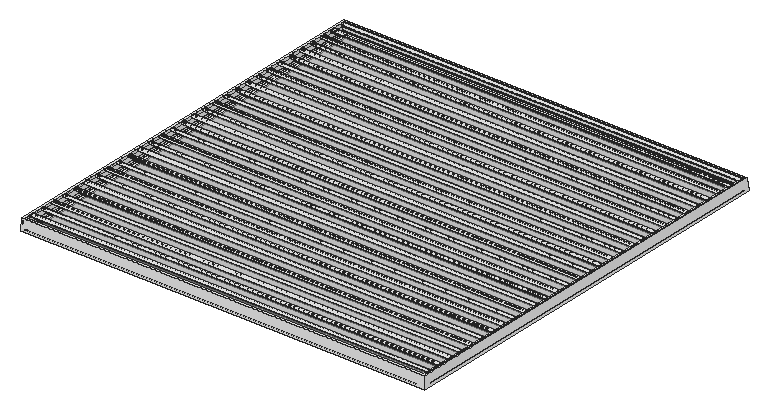
Revit family "NLRS_00_AIR_Muurrooster_ST-431_Storax", category Air Terminals, host Face, Revit 2023
Family settings
  Host = Face
  Round Connector Dimension = Use Diameter
  Part Type = Normal
  Cut with Voids When Loaded = No
  Shared = No
  Room Calculation Point = Yes
Parameters (values of type "ST-431")
  ZZZ_Width_Length [instance] = 1000 mm
  ZZZ_Symbol_wall width_Length [instance] = if(RSen_C_width = 0 mm, 1 mm, RSen_C_width)  # 1000 mm
  ZZZ_Symbol_wall depth_Length [instance] = if(RSen_C_depth = 0 mm, 1 mm, RSen_C_depth)  # 29 mm
  ZZZ_Symbol_ceiling width_Length [instance] = if(RSen_C_width = 0 mm, 1 mm, RSen_C_width)  # 1000 mm
  ZZZ_Symbol_ceiling height_Length [instance] = if(RSen_C_height = 0 mm, 1 mm, RSen_C_height)  # 1000 mm
  ZZZ_Surface mounted_YesNo = yes
  ZZZ_Recessed_YesNo = no
  ZZZ_Recess depth_negative_Length = if(1 = 1, -ZZZ_Recess depth_Length, 1 mm)  # 0 mm
  ZZZ_Recess depth_Length = 0 mm
  ZZZ_Protrusion_Length = 0 mm  # constant formula
  ZZZ_Profile_width_Length [instance] = ZZZ_Width_Length - ZZZ_Flange_offset_Length * 2  # 985 mm
  ZZZ_Profile top_offset_Length = 50.5 mm
  ZZZ_Profile middle_offset_Length = if(1 = 1, STX_I Blade_pitch, 1 mm)  # 33.3 mm
  ZZZ_Profile middle_amount__Integer [instance] = if(ZZZ_Profile middle_amount_Integer < 2, 2, ZZZ_Profile middle_amount_Integer)  # 27
  ZZZ_Profile middle_amount_Integer [instance] = (ZZZ_Height_Length - ZZZ_Profile top_offset_Length - ZZZ_Profile middle_offset_Length - ZZZ_Flange_offset_Length) / ZZZ_Profile middle_offset_Length  # 27
  ZZZ_Profile bottom_minimum height_Length = 23 mm
  ZZZ_Profile bottom_height_Length [instance] = if((ZZZ_Height_Length - ZZZ_Profile top_offset_Length - ZZZ_Profile middle_offset_Length * ZZZ_Profile middle_amount_Integer - ZZZ_Flange_offset_Length) < ZZZ_Profile bottom_minimum height_Length, ZZZ_Profile bottom_minimum height_Length, ZZZ_Height_Length - ZZZ_Profile top_offset_Length - ZZZ_Profile middle_offset_Length * ZZZ_Profile middle_amount_Integer - ZZZ_Flange_offset_Length)  # 42.9 mm
  ZZZ_Mounting space_Length [instance] = 1 mm
  ZZZ_Airflow_surface_Area [instance] = STX_V Height * STX_V Width  # 1.00 m²
  STX_V Mesh [instance] = NLRS_00_GM_Gaas_Storax : Insectengaas 2.3x2.3mm
  ZZZ_Louvre_rotation_Angle = 0.00°  # constant formula
  ZZZ_Louvre_insertion point_Length = 0 mm
  ZZZ_Louvre_insertion point negative_Length = if(1 = 1, -ZZZ_Louvre_insertion point_Length, 1 mm)  # 0 mm
  ZZZ_Height_Length [instance] = 1000 mm
  ZZZ_Half width negative_Length [instance] = -500 mm
  ZZZ_Half height negative_Length [instance] = -500 mm
  ZZZ_Flange_thickness_Length = if(STX_I Flange_thickness = 0 mm, 1 mm, STX_I Flange_thickness)  # 1 mm
  ZZZ_Flange_offset_Length = 7.5 mm
  ZZZ_Flange_FamilyType_Air Terminals = GEO_flange_renson : standard
  ZZZ_Dust filter_FamilyType_Air Terminals = dust filter - class g4 - SH_renson : dust filter - class g4_renson
  ZZZ_Depth_Length = if(1 = 1, RSen_C_depth, 1 mm)  # 29 mm
  ZZZ_Depth negative_Length = if(1 = 1, -RSen_C_depth, 1 mm)  # -29 mm
  ZZZ_Cut out_width__Length [instance] = if(and(ZZZ_Recessed_YesNo, ZZZ_Cut out_width_Length > 0 mm), ZZZ_Cut out_width_Length, 1 mm)  # 1 mm
  ZZZ_Cut out_width_Length [instance] = RSen_C_width + ZZZ_Mounting space_Length * 2  # 1002 mm
  ZZZ_Cut out_radius_Length [instance] = 1 mm
  ZZZ_Cut out_height__Length [instance] = if(and(ZZZ_Recessed_YesNo, ZZZ_Cut out_height_Length > 0 mm), ZZZ_Cut out_height_Length, 1 mm)  # 1 mm
  ZZZ_Cut out_height_Length [instance] = RSen_C_height + ZZZ_Mounting space_Length * 2  # 1002 mm
  ZZZ_Cut out_depth_Length = 500 mm
  ZZZ_Cut out_depth negative_Length = if(and(ZZZ_Recessed_YesNo, ZZZ_Cut out_depth_Length > 0 mm), -ZZZ_Cut out_depth_Length, 2 mm)  # 2 mm
  ZZZ_Airflow_HVACAirflow = 1.0 m³/h  # constant formula
  Type IFC Predefined Type = "Grille"
  RSen_M_c01_flow_rate [instance] = if(STX_V Supply air, STX_I Airflow_intake by K factor, STX_I Airflow_discharge by K factor)  # 1027.23 m³/h
  RSen_C_width [instance] = if(STX_V Width < STX_I Width_min, STX_I Width_min, if(STX_I Width_max < 1 mm, STX_V Width, if(STX_V Width > STX_I Width_max, STX_I Width_max, STX_V Width)))  # 1000 mm
  RSen_C_type_comments = "surface-mounted wall louvre"
  RSen_C_type = "surface-mounted wall louvre"
  RSen_C_model = "ST-431"
  RSen_C_material = RSen_h4_aluminum
  RSen_C_height [instance] = if(STX_V Height < STX_I Height_min, STX_I Height_min, if(STX_I Height_max < 1 mm, STX_V Height, if(STX_V Height > STX_I Height_max, STX_I Height_max, STX_V Height)))  # 1000 mm
  RSen_C_description = "ST-431"
  RSen_C_depth = 29 mm
  RSen_C_content_provider = "Storax"  # constant formula
  RSen_C_code_gtin = "-"
  RSen_C_code_article = "ST-431"
  RSen_C_code_ETIM_URL = "https://www.storax.nl/producten/zomernachtventilatie/st-431-43/"
  RSen_C_code_ETIM = "Overstroomrooster"  # constant formula
  RSen_C_code_CBNL_URL = ""
  RSen_C_code_CBNL = "Louvre"  # constant formula
  STX_W Fingerprint = "<RSen_C_length> x <RSen_C_height> mm"
  STX_V Width [instance] = 1000 mm
  STX_V Supply air = yes
  STX_V insect mesh [instance] = yes
  STX_V Air exhaust = not(STX_V Supply air)  # no
  STX_V Pressure drop [instance] = 1.0 Pa
  STX_V Height [instance] = 1000 mm
  STX_I Without flange_info = "no"
  STX_I Without flange = no
  STX_I Width_min = 120 mm
  STX_I Width_max = 4000 mm
  STX_I Water channel = yes
  STX_I U-value = "-"
  STX_I Sound reduction_Rw = "-"
  STX_I Sound reduction_Dw = "-"
  STX_I Size_maximum = "see price list"
  STX_I Removable insect mesh_info = "Min. dimensions: 190x190 mm; Max. dimensions: 1500x1200 mm"  # constant formula
  STX_I Puncture proof = yes
  STX_I Flange_thickness = 0 mm
  STX_I Air flow [instance] = if(STX_V Supply air, "supply", "exhaust")  # "supply"
  STX_I Visual free area = 0.59
  STX_I Zichtbaar vrije opp. = 0.5
  STX_I Width with flange [instance] = ZZZ_Width_Length + STX_I Flange_height * 2  # 1000 mm
  STX_I Material = "aluminiumAlMgSi0.5"
  STX_I K factor_intake = 20.47
  STX_I K factor_discharge = 19.58
  STX_I IP = "IP2XD"
  STX_I Height_min = 120 mm
  STX_I Height_max = 4000 mm
  STX_I G4 filter = no
  STX_I Shape = "rectangular"
  STX_I Fire resistance = "-"
  STX_I Drainage profile = no
  STX_I Depth_min = 0 mm
  STX_I Depth_max = 0 mm
  STX_I Control = "-"
  STX_I Ce coefficient_intake = 0.221
  STX_I Cd coefficient_discharge = 0.226
  STX_I Burglarproof_WK class = "-"
  STX_I Blade_type = "L.033.01"
  STX_I Blade_pitch = 33.3 mm
  STX_I Blade_shape = "Z"
  STX_I Assembly = ""
  STX_I Colour = ""
  STX_I BaseKeynote = "57.10.90.1"  # constant formula
  STX_I Height with flange [instance] = ZZZ_Height_Length + STX_I Flange_height * 2  # 1000 mm
  STX_I Airflow_intake by K factor [instance] = ((ZZZ_Airflow_surface_Area / 1.00 m²) * ((sqrt((2.0 Pa * STX_V Pressure drop) / (1.2 * STX_I K factor_intake))) / 1.0 Pa)) * 3600.0 m³/h  # 1027.23 m³/h
  STX_I Airflow_discharge by K factor [instance] = ((ZZZ_Airflow_surface_Area / 1.00 m²) * ((sqrt((2.0 Pa * STX_V Pressure drop) / (1.2 * STX_I K factor_discharge))) / 1.0 Pa)) * 3600.0 m³/h  # 1050.32 m³/h
  STX_I Flange_width = 0 mm
  STX_I Flange_height = 0 mm
  URL = ""
  Type Comments = RSen_C_type_comments  # "surface-mounted wall louvre"
  Model = RSen_C_model  # "ST-431"
  Manufacturer = "Storax"  # constant formula
  IfcExportType = "Grille"  # constant formula
  IfcExportAs = "IfcAirTerminalType"  # constant formula
  Export Type to IFC As = "IfcAirTerminalType"
  Description = RSen_C_description  # "ST-431"
  Default Elevation = 1219.2 mm
  Based On = "Renson"  # constant formula
  Assembly Code = "57.10.90.1"
  Apparent Load = 0 VA
Reference planes
  plane 1 "Center (Front/Back)": y = 0
  plane 2: z = 0
  plane 3 "Center (Left/Right)": x = 0
  plane 4: y = 500
  plane 5: y = -500
  plane 6: x = -500
  plane 7: x = 500
  plane 8: x = -500
  plane 9: x = 500
  plane 10: y = -500
  plane 11: y = 500
  plane 12: z = 29
  plane 13: z = 0
  plane 14: x = 492.5
  plane 15: x = -492.5
  plane 16: y = 492.5
  plane 17: y = -492.5
Forms (mm)
  Extrusion 1, solid, not visible, detail levels coarse
    sketch origin (-5, 0, 29) x (0, -1, 0) y (1, 0, 0)
      loop
        line (-500, -495) -> (500, -495) -> (500, 505) -> (-500, 505) -> (-500, -495)
    from 0 to -29 <- "ZZZ_Depth negative_Length"
Dimensions and locks
  equal spacing: plane 6, plane 3 "Center (Left/Right)", plane 7
  "STX_I Width with flange": plane 6 to plane 7
  equal spacing: plane 5, plane 1 "Center (Front/Back)", plane 4
  "STX_I Height with flange": plane 4 to plane 5
  equal spacing: plane 8, plane 3 "Center (Left/Right)", plane 9
  "RSen_C_width": plane 8 to plane 9
  equal spacing: plane 11, plane 1 "Center (Front/Back)", plane 10
  "RSen_C_height": plane 11 to plane 10
  "RSen_C_depth": plane 12 to plane 13
  "ZZZ_Recess depth_Length": host face to plane 13
  "ZZZ_Flange_offset_Length": plane 14 to plane 9
  "ZZZ_Flange_offset_Length": plane 8 to plane 15
  "ZZZ_Flange_offset_Length": plane 11 to plane 16
  "ZZZ_Flange_offset_Length": plane 17 to plane 10
  plane 9 to plane 14 = 7.5 mm
  aligned and locked: plane 2 to host face
  aligned and locked: level to host face
  aligned and locked: Extrusion 1 sketch curve to plane 10
  aligned and locked: Extrusion 1 sketch curve to plane 9
  aligned and locked: Extrusion 1 sketch curve to plane 11
  aligned and locked: Extrusion 1 sketch curve to plane 8
  aligned and locked: nested 3 to plane 3 "Center (Left/Right)"
  aligned and locked: nested 3 to plane 1 "Center (Front/Back)"
Automatic sketch dimensions
  host sketch curve to host sketch curve = 2438.4 mm  (x2)
Nested families
  nested 1: "GEO_flange_renson" at (0, 0, 29), type <- "ZZZ_Flange_FamilyType_Air Terminals", REN_V Depth <- "RSen_C_depth", REN_V Material_01 <- "RSen_C_material", REN_V Width <- "RSen_C_width", REN_V Height <- "RSen_C_height", type "standard"
    with WT_H Width 1000 mm, WT_H Round no, WT_H Rectangular yes, WT_H Radius 2 mm, WT_H Inner width 985 mm, WT_H Inner radius_02 1 mm, WT_H Inner radius 1 mm, WT_H Inner height 985 mm, WT_H Height 1000 mm, WT_H Depth 29 mm, REN_V Width 1000 mm, REN_V Material_01 RSen_h4_aluminum, REN_V Height 1000 mm, REN_V Diameter 0 mm, REN_V Depth 29 mm
  nested 2: "GEO_louvre_renson ST-033-00" at (0, 0, 29), WT_H Profile middle_offset <- "ZZZ_Profile middle_offset_Length", WT_H Profile bottom_minimum height <- "ZZZ_Profile bottom_minimum height_Length", REN_H Flange_offset <- "ZZZ_Flange_offset_Length", REN_V Material_01 <- "RSen_C_material", REN_V Height <- "RSen_C_height", REN_V Width <- "RSen_C_width", type "standard"
    with WT_H_Flange Thickness 7.5 mm, WT_H Width 985 mm, WT_H Round no, WT_H Remaining Height 45 mm, WT_H Rectangular yes, WT_H Radius 2 mm, WT_H R1 -7.5 mm, WT_H Profile top_offset fake 40.9 mm, WT_H Profile top_offset 42.8 mm, WT_H Profile middle_single no, WT_H Profile middle_offset 33.3 mm, WT_H Profile middle_multiple yes, WT_H Profile middle_amount_ 27, WT_H Profile middle_amount 27, WT_H Profile bottom_minimum height 23 mm, WT_H Profile bottom_height 50.6 mm, WT_H Profile bottom visible 1, WT_H L3 1035 mm, WT_H L2 1050 mm, WT_H L1 10 mm, WT_H Height Without Edges 985 mm, WT_H Height Small Blade 29.9 mm, WT_H Height Normal Blade 37 mm, WT_H Height Large Blade 49.5 mm, WT_H Height 1000 mm, WT_H Depth 33.5 mm, WT_H Blade Profile Small no, WT_H Blade Profile Normal yes, WT_H Blade Profile Large no, WT_H Blade Count Fake Rounded 27, WT_H Blade Count Fake Not Rounded 28.351 mm, Top offset 8.5 mm, REN_V Width 1000 mm, REN_V Material_01 RSen_h4_aluminum, REN_V Height 1000 mm, REN_V Diameter 0 mm, REN_V Depth 33.5 mm, REN_H Flange_offset 7.5 mm
  nested 3: "NLRS_00_GM_Gaas_Storax" at (-500, 500, 33.3) x (1, 0, 0) z (0, -1, 0), Height <- "STX_V Height", Width <- "STX_V Width", visible <- "STX_V insect mesh", type <- "STX_V Mesh", type "Insectengaas 2.3x2.3mm"
    with Width 1000 mm, Offset_Gaas_Top_Sides 7.5 mm, Offset_Gaas_Bottom 7.5 mm, Height 1000 mm
Definition of nested family "GEO_flange_renson"
  Parameters
    WT_V Flange_thickness = 0 mm
    REN_V Material_01 [instance] = none
    REN_V Width [instance] = 100 mm
    REN_V Height [instance] = 100 mm
    WT_H Round [instance] = not(WT_H Rectangular)  # no
    WT_H Rectangular [instance] = and(REN_V Width > 0 mm, WT_H Height > 0 mm)  # yes
    WT_H Width [instance] = if(REN_V Width = 0 mm, 2 mm, REN_V Width)  # 100 mm
    REN_V Depth [instance] = 29 mm
    REN_V Diameter [instance] = 0 mm
    WT_V Flange_height = 7.5 mm
    WT_H Height [instance] = if(REN_V Height = 0 mm, 2 mm, REN_V Height)  # 100 mm
    WT_H Inner radius_02 [instance] = if(WT_H Inner radius - WT_V Flange_thickness < 1 mm, 1 mm, WT_H Inner radius - WT_V Flange_thickness)  # 1 mm
    WT_H Inner radius [instance] = if(WT_H Radius - WT_V Flange_height < 1 mm, 1 mm, WT_H Radius - WT_V Flange_height)  # 1 mm
    WT_H Inner width [instance] = if(WT_H Width - WT_V Flange_height * 2 < 1 mm, 1 mm, WT_H Width - WT_V Flange_height * 2)  # 85 mm
    WT_H Inner height [instance] = if(WT_H Height - WT_V Flange_height * 2 < 1 mm, 1 mm, WT_H Height - WT_V Flange_height * 2)  # 85 mm
    WT_H Radius [instance] = if(REN_V Diameter = 0 mm, 2 mm, REN_V Diameter / 2)  # 2 mm
    WT_H Depth [instance] = if(REN_V Depth = 0 mm, 1 mm, REN_V Depth)  # 29 mm
    Default Elevation = 2500 mm
  Reference planes
    plane 1 "Center (Front/Back)": y = 0
    plane 2: z = 0
    plane 3 "Center (Left/Right)": x = 0
    plane 4 "top": z = -29
    plane 5 "left": x = -42.5
    plane 6 "right": x = 42.5
    plane 7: x = -50
    plane 8: x = 50
    plane 9 "back": y = 42.5
    plane 10 "front": y = -42.5
    plane 11: y = 50
    plane 12: y = -50
  Forms (mm)
    Extrusion 1, solid
      sketch origin (0, 0, 0) x (1, 0, 0) y (0, 1, 0)
        loop
          line (-1219.2, 1219.2) -> (-1219.2, -1219.2) -> (1219.2, -1219.2) -> (1219.2, 1219.2) -> (-1219.2, 1219.2)
      from 0 to -304.8
    Sweep 2, solid, material <- "REN_V Material_01"
      path origin (0, 0, 0) x (1, 0, 0) y (0, 1, 0)
        loop
          line (-50, 50) -> (-50, -50) -> (50, -50) -> (50, 50) -> (-50, 50)
      profile "PRF_profile - flange_renson : standaard" origin (0, 50, 0) x (0, 1, 0) y (0, 0, 1)
        loop
          line (-2, -29.2) -> (0, -29.2) -> (-2.4, 0) -> (-7.5, 0) -> (-7.5, -5) -> (-6, -5) -> (-6, -2) -> (-3.9, -2) -> (-3.9, -22.2) -> (-6, -22.2) -> (-6, -19.2) -> (-7.5, -19.2) -> (-7.5, -22.2) -> (-20.95, -22.2) -> (-20.95, -24.2) -> (-7.5, -24.2) -> (-7.5, -27.7)
          arc (-7.5, -27.7) -> (-6, -28.566) -> (-6, -26.834) r 1
          line (-6, -26.834) -> (-6, -24.2) -> (-2, -24.2) -> (-2, -29.2)
  Dimensions and locks
    equal spacing: plane 7, plane 3 "Center (Left/Right)", plane 8
    "WT_H Width": plane 7 to plane 8
    equal spacing: plane 5 "left", plane 3 "Center (Left/Right)", plane 6 "right"
    "WT_H Inner width": plane 5 "left" to plane 6 "right"
    equal spacing: plane 11, plane 1 "Center (Front/Back)", plane 12
    equal spacing: plane 9 "back", plane 1 "Center (Front/Back)", plane 10 "front"
    "WT_H Height": plane 12 to plane 11
    "WT_H Inner height": plane 10 "front" to plane 9 "back"
    "WT_H Depth": level to plane 4 "top"
    aligned and locked: plane 2 to Extrusion 1
    aligned and locked: level to Extrusion 1
    aligned and locked: plane 11 to Sweep 2 sketch curve
    aligned and locked: Sweep 2 sketch curve to plane 12
    aligned and locked: Sweep 2 sketch curve to plane 8
    aligned and locked: plane 7 to Sweep 2 sketch curve
  Automatic sketch dimensions
    Extrusion 1 sketch curve to Extrusion 1 sketch curve = 2438.4 mm  (x2)
Definition of nested family "GEO_louvre_renson ST-033-00"
  Parameters (values of type "standard")
    WT_H_Flange Thickness [instance] = 10 mm
    WT_H Remaining Height [instance] = WT_H Height Without Edges - WT_H Profile top_offset fake - WT_H Blade Count Fake Rounded * WT_H Profile middle_offset  # 32.1 mm
    WT_H R1 [instance] = if(1 = 1, REN_V Diameter / 2 - REN_H Flange_offset, 1 mm)  # -5.5 mm
    WT_H Profile top_offset fake [instance] = WT_H Profile top_offset - 2.9 mm + 1 mm  # 48.8 mm
    WT_H Profile middle_multiple [instance] = WT_H Profile middle_amount > 1  # yes
    WT_H Profile top_offset [instance] = 50.7 mm
    WT_H Profile middle_single [instance] = and(WT_H Height - WT_H Profile top_offset - WT_H Profile middle_offset - REN_H Flange_offset + 15 mm > WT_H Profile middle_offset, WT_H Profile middle_amount < 2)  # no
    WT_H Profile middle_offset [instance] = 33.3 mm
    WT_H Profile bottom visible [instance] = if(WT_H Remaining Height - 2 mm > WT_H Height Large Blade, 2, if(WT_H Remaining Height - 2 mm > WT_H Height Normal Blade, 1, if(WT_H Remaining Height - 2 mm > WT_H Height Small Blade, 0, 3)))  # 0
    WT_H Height Without Edges [instance] = REN_V Height - 2 * WT_H_Flange Thickness  # 980 mm
    WT_H Height Small Blade [instance] = 29.9 mm
    WT_H Height Normal Blade [instance] = 37 mm
    WT_H Height Large Blade [instance] = 49.5 mm
    WT_H Blade Profile Small [instance] = WT_H Profile bottom visible = 0  # yes
    WT_H Blade Profile Normal [instance] = WT_H Profile bottom visible = 1  # no
    WT_H Blade Profile Large [instance] = WT_H Profile bottom visible = 2  # no
    WT_H Blade Count Fake Rounded [instance] = rounddown((WT_H Height Without Edges - WT_H Profile top_offset fake) / WT_H Profile middle_offset - WT_H Height Small Blade / WT_H Profile middle_offset)  # 27
    WT_H Blade Count Fake Not Rounded [instance] = (WT_H Height Without Edges - WT_H Profile top_offset fake) / WT_H Profile middle_offset * 1 mm  # 27.964 mm
    Top offset [instance] = WT_H_Flange Thickness + 1 mm  # 11 mm
    REN_V Material_01 [instance] = none
    REN_V Width [instance] = 1000 mm
    REN_V Height [instance] = 1000 mm
    WT_H Profile middle_amount_ [instance] = if(WT_H Profile middle_amount < 2, 2, WT_H Profile middle_amount)  # 27
    WT_H Profile middle_amount [instance] = rounddown((WT_H Height Without Edges - WT_H Profile top_offset fake) / WT_H Profile middle_offset - WT_H Height Small Blade / WT_H Profile middle_offset)  # 27
    WT_H Profile bottom_height [instance] = if((WT_H Height - WT_H Profile top_offset - WT_H Profile middle_offset * WT_H Profile middle_amount - REN_H Flange_offset) < WT_H Profile bottom_minimum height, WT_H Profile bottom_minimum height, WT_H Height - WT_H Profile top_offset - WT_H Profile middle_offset * WT_H Profile middle_amount - REN_H Flange_offset)  # 44.7 mm
    WT_H L3 [instance] = WT_H Width + 50 mm  # 1039 mm
    WT_H L2 [instance] = WT_H Height + 50 mm  # 1050 mm
    WT_H L1 [instance] = if(or(REN_V Width = 0 mm, REN_V Height = 0 mm), -REN_V Depth - 10 mm, 10 mm)  # 10 mm
    REN_H Flange_offset [instance] = 5.5 mm
    WT_H Round [instance] = not(WT_H Rectangular)  # no
    WT_H Rectangular [instance] = and(REN_V Width > 0 mm, WT_H Height > 0 mm)  # yes
    WT_H Width [instance] = if(REN_V Width = 0 mm, REN_V Diameter - REN_H Flange_offset * 2, REN_V Width - REN_H Flange_offset * 2)  # 989 mm
    REN_V Depth [instance] = 33.5 mm
    REN_V Diameter [instance] = 0 mm
    WT_H Profile bottom_minimum height [instance] = 23 mm
    WT_H Height [instance] = if(REN_V Height = 0 mm, REN_V Diameter, REN_V Height)  # 1000 mm
    WT_H Radius [instance] = if(REN_V Diameter = 0 mm, 2 mm, REN_V Diameter / 2)  # 2 mm
    WT_H Depth [instance] = if(REN_V Depth = 0 mm, 1 mm, REN_V Depth)  # 33.5 mm
    Default Elevation = 2500 mm
  Reference planes
    plane 1 "Center (Front/Back)": y = 0
    plane 2: z = 0
    plane 3 "Center (Left/Right)": x = 0
    plane 4 "top": z = -33.5
    plane 5: x = -494.5
    plane 6: x = 494.5
    plane 7: y = 500
    plane 8: y = -500
    plane 9: z = -5
    plane 10: y = 438.3
    plane 11: y = 405
    plane 12: y = 441.225
    plane 13: y = 407.925
    plane 14: y = 374.625
    plane 15: y = 341.325
    plane 16: y = 308.025
    plane 17: y = 274.725
    plane 18: y = 241.425
    plane 19: y = 208.125
    plane 20: y = 174.825
    plane 21: y = 141.525
    plane 22: y = 108.225
    plane 23: y = 74.925
    plane 24: y = 41.625
    plane 25: y = 8.325
    plane 26: y = -24.975
    plane 27: y = -58.275
    plane 28: y = -91.575
    plane 29: y = -124.875
    plane 30: y = -158.175
    plane 31: y = -191.475
    plane 32: y = -224.775
    plane 33: y = -258.075
    plane 34: y = -291.375
    plane 35: y = -324.675
    plane 36: y = -357.975
    plane 37: y = -391.275
    plane 38: y = -445.485
    plane 39: y = -445.485
    plane 40: y = -445.485
    plane 41: y = 490
    plane 42: y = -490
    plane 43: y = -457.9
    plane 44: y = -457.9
    plane 45: y = -457.9
    plane 46: y = 489
    plane 47: y = -424.575
  Forms (mm)
    Extrusion 1, solid
      sketch origin (0, 0, 0) x (1, 0, 0) y (0, 1, 0)
        loop
          line (-1219.2, 1219.2) -> (-1219.2, -1219.2) -> (1219.2, -1219.2) -> (1219.2, 1219.2) -> (-1219.2, 1219.2)
      from 0 to -304.8
    Sweep 2, solid, material <- "REN_V Material_01"
      path origin (0, -9.265, 0) x (1, 0, 0) y (0, 1, 0)
        loop
          line (-494.5, 498.265) -> (494.5, 498.265)
      profile "PRF_profile - top_renson : standaard" origin (0, 489, 0) x (0, 1, 0) y (0, 0, 1)
        loop
          line (-19.528, -19.15) -> (-30.413, 0) -> (-43.547, 0)
          arc (-43.547, 0) -> (-43.98, -0.25) -> (-43.98, -0.75) r 0.5
          line (-43.98, -0.75) -> (-42.681, -3) -> (-41.411, -3) -> (-42.421, -1.25) -> (-31.222, -1.25) -> (-29.836, -3.65) -> (-32.23, -3.65)
          arc (-32.23, -3.65) -> (-31.19, -5.059) -> (-29.541, -5.647) r 3
          arc (-29.541, -5.647) -> (-28.588, -5.94) -> (-27.895, -6.656) r 2
          line (-27.895, -6.656) -> (-20.586, -19.515)
          arc (-20.586, -19.515) -> (-19.945, -20.163) -> (-19.065, -20.4) r 1.75
          line (-19.065, -20.4) -> (-7.59, -20.4)
          arc (-7.59, -20.4) -> (-6.842, -19.946) -> (-6.899, -19.072) r 0.844
          line (-6.899, -19.072) -> (-8.419, -16.9) -> (-3.05, -16.9)
          arc (-3.05, -16.9) -> (-2.166, -16.534) -> (-1.8, -15.65) r 1.25
          line (-1.8, -15.65) -> (-1.8, -1.1) -> (0, -1.1) -> (0, 0) -> (-10.304, 0)
          arc (-10.304, 0) -> (-10.737, -0.25) -> (-10.737, -0.75) r 0.5
          line (-10.737, -0.75) -> (-9.438, -3) -> (-8.168, -3) -> (-9.178, -1.25) -> (-3.05, -1.25) -> (-3.05, -15.65) -> (-8.419, -15.65)
          arc (-8.419, -15.65) -> (-9.509, -16.287) -> (-9.488, -17.549) r 1.25
          arc (-9.488, -17.549) -> (-9.47, -18.613) -> (-10.389, -19.15) r 1.054
          line (-10.389, -19.15) -> (-19.528, -19.15)
    Sweep 3, solid, material <- "REN_V Material_01"
      path origin (0, -465.261, -0.001) x (1, 0, 0) y (0, 1, 0)
        loop
          line (-494.5, 903) -> (494.5, 903)
      profile "PRF_profile - middle_renson : standaard" origin (0, 437.739, -0.001) x (0, 1, 0) y (0, 0, 1)
        loop
          line (-17.651, -6.302) -> (-9.006, -19.454)
          arc (-9.006, -19.454) -> (-8.248, -20.148) -> (-7.251, -20.4) r 2.1
          line (-7.251, -20.4) -> (-5.511, -20.4)
          arc (-5.511, -20.4) -> (-4.044, -19.871) -> (-3.251, -18.528) r 2.3
          arc (-3.251, -18.528) -> (-1.368, -19.046) -> (0.561, -19.355) r 17.9
          line (0.561, -19.355) -> (0.561, -20.25) -> (2.491, -20.4)
          arc (2.491, -20.4) -> (3.233, -20.071) -> (3.486, -19.3) r 1
          line (3.486, -19.3) -> (1.813, -19.3) -> (1.425, -18.323)
          arc (1.425, -18.323) -> (-1.348, -17.923) -> (-4.016, -17.068) r 16.8
          line (-4.016, -17.068) -> (-4.339, -17.843)
          arc (-4.339, -17.843) -> (-4.576, -18.852) -> (-5.511, -19.3) r 1.2
          line (-5.511, -19.3) -> (-7.251, -19.3)
          arc (-7.251, -19.3) -> (-7.725, -19.18) -> (-8.086, -18.849) r 1
          line (-8.086, -18.849) -> (-20.181, -0.451)
          arc (-20.181, -0.451) -> (-20.542, -0.12) -> (-21.017, 0) r 1
          line (-21.017, 0) -> (-33.33, 0) -> (-31.286, -1.374)
          arc (-31.286, -1.374) -> (-30.736, -1.42) -> (-30.287, -1.1) r 0.8
          line (-30.287, -1.1) -> (-23.809, -1.1) -> (-20.93, -1.25) -> (-19.566, -3.649) -> (-22.193, -3.649)
          arc (-22.193, -3.649) -> (-20.969, -5.184) -> (-19.058, -5.633) r 3
          arc (-19.058, -5.633) -> (-18.261, -5.771) -> (-17.651, -6.302) r 1.5
    Sweep 4, solid, material <- "REN_V Material_01"
      path origin (0, -498.561, -0.001) x (1, 0, 0) y (0, 1, 0)
        loop
          line (-494.5, 903) -> (494.5, 903)
      profile "PRF_profile - middle_renson : standaard" origin (0, 404.439, -0.001) x (0, 1, 0) y (0, 0, 1)
        loop
          line (-17.651, -6.302) -> (-9.006, -19.454)
          arc (-9.006, -19.454) -> (-8.248, -20.148) -> (-7.251, -20.4) r 2.1
          line (-7.251, -20.4) -> (-5.511, -20.4)
          arc (-5.511, -20.4) -> (-4.044, -19.871) -> (-3.251, -18.528) r 2.3
          arc (-3.251, -18.528) -> (-1.368, -19.046) -> (0.561, -19.355) r 17.9
          line (0.561, -19.355) -> (0.561, -20.25) -> (2.491, -20.4)
          arc (2.491, -20.4) -> (3.233, -20.071) -> (3.486, -19.3) r 1
          line (3.486, -19.3) -> (1.813, -19.3) -> (1.425, -18.323)
          arc (1.425, -18.323) -> (-1.348, -17.923) -> (-4.016, -17.068) r 16.8
          line (-4.016, -17.068) -> (-4.339, -17.843)
          arc (-4.339, -17.843) -> (-4.576, -18.852) -> (-5.511, -19.3) r 1.2
          line (-5.511, -19.3) -> (-7.251, -19.3)
          arc (-7.251, -19.3) -> (-7.725, -19.18) -> (-8.086, -18.849) r 1
          line (-8.086, -18.849) -> (-20.181, -0.451)
          arc (-20.181, -0.451) -> (-20.542, -0.12) -> (-21.017, 0) r 1
          line (-21.017, 0) -> (-33.33, 0) -> (-31.286, -1.374)
          arc (-31.286, -1.374) -> (-30.736, -1.42) -> (-30.287, -1.1) r 0.8
          line (-30.287, -1.1) -> (-23.809, -1.1) -> (-20.93, -1.25) -> (-19.566, -3.649) -> (-22.193, -3.649)
          arc (-22.193, -3.649) -> (-20.969, -5.184) -> (-19.058, -5.633) r 3
          arc (-19.058, -5.633) -> (-18.261, -5.771) -> (-17.651, -6.302) r 1.5
    Sweep 5, solid, material <- "REN_V Material_01"
      path origin (0, -531.861, -0.001) x (1, 0, 0) y (0, 1, 0)
        loop
          line (-494.5, 903) -> (494.5, 903)
      profile "PRF_profile - middle_renson : standaard" origin (0, 371.139, -0.001) x (0, 1, 0) y (0, 0, 1)
        loop
          line (-17.651, -6.302) -> (-9.006, -19.454)
          arc (-9.006, -19.454) -> (-8.248, -20.148) -> (-7.251, -20.4) r 2.1
          line (-7.251, -20.4) -> (-5.511, -20.4)
          arc (-5.511, -20.4) -> (-4.044, -19.871) -> (-3.251, -18.528) r 2.3
          arc (-3.251, -18.528) -> (-1.368, -19.046) -> (0.561, -19.355) r 17.9
          line (0.561, -19.355) -> (0.561, -20.25) -> (2.491, -20.4)
          arc (2.491, -20.4) -> (3.233, -20.071) -> (3.486, -19.3) r 1
          line (3.486, -19.3) -> (1.813, -19.3) -> (1.425, -18.323)
          arc (1.425, -18.323) -> (-1.348, -17.923) -> (-4.016, -17.068) r 16.8
          line (-4.016, -17.068) -> (-4.339, -17.843)
          arc (-4.339, -17.843) -> (-4.576, -18.852) -> (-5.511, -19.3) r 1.2
          line (-5.511, -19.3) -> (-7.251, -19.3)
          arc (-7.251, -19.3) -> (-7.725, -19.18) -> (-8.086, -18.849) r 1
          line (-8.086, -18.849) -> (-20.181, -0.451)
          arc (-20.181, -0.451) -> (-20.542, -0.12) -> (-21.017, 0) r 1
          line (-21.017, 0) -> (-33.33, 0) -> (-31.286, -1.374)
          arc (-31.286, -1.374) -> (-30.736, -1.42) -> (-30.287, -1.1) r 0.8
          line (-30.287, -1.1) -> (-23.809, -1.1) -> (-20.93, -1.25) -> (-19.566, -3.649) -> (-22.193, -3.649)
          arc (-22.193, -3.649) -> (-20.969, -5.184) -> (-19.058, -5.633) r 3
          arc (-19.058, -5.633) -> (-18.261, -5.771) -> (-17.651, -6.302) r 1.5
    Sweep 6, solid, material <- "REN_V Material_01"
      path origin (0, -565.161, -0.001) x (1, 0, 0) y (0, 1, 0)
        loop
          line (-494.5, 903) -> (494.5, 903)
      profile "PRF_profile - middle_renson : standaard" origin (0, 337.839, -0.001) x (0, 1, 0) y (0, 0, 1)
        loop
          line (-17.651, -6.302) -> (-9.006, -19.454)
          arc (-9.006, -19.454) -> (-8.248, -20.148) -> (-7.251, -20.4) r 2.1
          line (-7.251, -20.4) -> (-5.511, -20.4)
          arc (-5.511, -20.4) -> (-4.044, -19.871) -> (-3.251, -18.528) r 2.3
          arc (-3.251, -18.528) -> (-1.368, -19.046) -> (0.561, -19.355) r 17.9
          line (0.561, -19.355) -> (0.561, -20.25) -> (2.491, -20.4)
          arc (2.491, -20.4) -> (3.233, -20.071) -> (3.486, -19.3) r 1
          line (3.486, -19.3) -> (1.813, -19.3) -> (1.425, -18.323)
          arc (1.425, -18.323) -> (-1.348, -17.923) -> (-4.016, -17.068) r 16.8
          line (-4.016, -17.068) -> (-4.339, -17.843)
          arc (-4.339, -17.843) -> (-4.576, -18.852) -> (-5.511, -19.3) r 1.2
          line (-5.511, -19.3) -> (-7.251, -19.3)
          arc (-7.251, -19.3) -> (-7.725, -19.18) -> (-8.086, -18.849) r 1
          line (-8.086, -18.849) -> (-20.181, -0.451)
          arc (-20.181, -0.451) -> (-20.542, -0.12) -> (-21.017, 0) r 1
          line (-21.017, 0) -> (-33.33, 0) -> (-31.286, -1.374)
          arc (-31.286, -1.374) -> (-30.736, -1.42) -> (-30.287, -1.1) r 0.8
          line (-30.287, -1.1) -> (-23.809, -1.1) -> (-20.93, -1.25) -> (-19.566, -3.649) -> (-22.193, -3.649)
          arc (-22.193, -3.649) -> (-20.969, -5.184) -> (-19.058, -5.633) r 3
          arc (-19.058, -5.633) -> (-18.261, -5.771) -> (-17.651, -6.302) r 1.5
    Sweep 7, solid, material <- "REN_V Material_01"
      path origin (0, -598.461, -0.001) x (1, 0, 0) y (0, 1, 0)
        loop
          line (-494.5, 903) -> (494.5, 903)
      profile "PRF_profile - middle_renson : standaard" origin (0, 304.539, -0.001) x (0, 1, 0) y (0, 0, 1)
        loop
          line (-17.651, -6.302) -> (-9.006, -19.454)
          arc (-9.006, -19.454) -> (-8.248, -20.148) -> (-7.251, -20.4) r 2.1
          line (-7.251, -20.4) -> (-5.511, -20.4)
          arc (-5.511, -20.4) -> (-4.044, -19.871) -> (-3.251, -18.528) r 2.3
          arc (-3.251, -18.528) -> (-1.368, -19.046) -> (0.561, -19.355) r 17.9
          line (0.561, -19.355) -> (0.561, -20.25) -> (2.491, -20.4)
          arc (2.491, -20.4) -> (3.233, -20.071) -> (3.486, -19.3) r 1
          line (3.486, -19.3) -> (1.813, -19.3) -> (1.425, -18.323)
          arc (1.425, -18.323) -> (-1.348, -17.923) -> (-4.016, -17.068) r 16.8
          line (-4.016, -17.068) -> (-4.339, -17.843)
          arc (-4.339, -17.843) -> (-4.576, -18.852) -> (-5.511, -19.3) r 1.2
          line (-5.511, -19.3) -> (-7.251, -19.3)
          arc (-7.251, -19.3) -> (-7.725, -19.18) -> (-8.086, -18.849) r 1
          line (-8.086, -18.849) -> (-20.181, -0.451)
          arc (-20.181, -0.451) -> (-20.542, -0.12) -> (-21.017, 0) r 1
          line (-21.017, 0) -> (-33.33, 0) -> (-31.286, -1.374)
          arc (-31.286, -1.374) -> (-30.736, -1.42) -> (-30.287, -1.1) r 0.8
          line (-30.287, -1.1) -> (-23.809, -1.1) -> (-20.93, -1.25) -> (-19.566, -3.649) -> (-22.193, -3.649)
          arc (-22.193, -3.649) -> (-20.969, -5.184) -> (-19.058, -5.633) r 3
          arc (-19.058, -5.633) -> (-18.261, -5.771) -> (-17.651, -6.302) r 1.5
    Sweep 8, solid, material <- "REN_V Material_01"
      path origin (0, -631.761, -0.001) x (1, 0, 0) y (0, 1, 0)
        loop
          line (-494.5, 903) -> (494.5, 903)
      profile "PRF_profile - middle_renson : standaard" origin (0, 271.239, -0.001) x (0, 1, 0) y (0, 0, 1)
        loop
          line (-17.651, -6.302) -> (-9.006, -19.454)
          arc (-9.006, -19.454) -> (-8.248, -20.148) -> (-7.251, -20.4) r 2.1
          line (-7.251, -20.4) -> (-5.511, -20.4)
          arc (-5.511, -20.4) -> (-4.044, -19.871) -> (-3.251, -18.528) r 2.3
          arc (-3.251, -18.528) -> (-1.368, -19.046) -> (0.561, -19.355) r 17.9
          line (0.561, -19.355) -> (0.561, -20.25) -> (2.491, -20.4)
          arc (2.491, -20.4) -> (3.233, -20.071) -> (3.486, -19.3) r 1
          line (3.486, -19.3) -> (1.813, -19.3) -> (1.425, -18.323)
          arc (1.425, -18.323) -> (-1.348, -17.923) -> (-4.016, -17.068) r 16.8
          line (-4.016, -17.068) -> (-4.339, -17.843)
          arc (-4.339, -17.843) -> (-4.576, -18.852) -> (-5.511, -19.3) r 1.2
          line (-5.511, -19.3) -> (-7.251, -19.3)
          arc (-7.251, -19.3) -> (-7.725, -19.18) -> (-8.086, -18.849) r 1
          line (-8.086, -18.849) -> (-20.181, -0.451)
          arc (-20.181, -0.451) -> (-20.542, -0.12) -> (-21.017, 0) r 1
          line (-21.017, 0) -> (-33.33, 0) -> (-31.286, -1.374)
          arc (-31.286, -1.374) -> (-30.736, -1.42) -> (-30.287, -1.1) r 0.8
          line (-30.287, -1.1) -> (-23.809, -1.1) -> (-20.93, -1.25) -> (-19.566, -3.649) -> (-22.193, -3.649)
          arc (-22.193, -3.649) -> (-20.969, -5.184) -> (-19.058, -5.633) r 3
          arc (-19.058, -5.633) -> (-18.261, -5.771) -> (-17.651, -6.302) r 1.5
    Sweep 9, solid, material <- "REN_V Material_01"
      path origin (0, -665.061, -0.001) x (1, 0, 0) y (0, 1, 0)
        loop
          line (-494.5, 903) -> (494.5, 903)
      profile "PRF_profile - middle_renson : standaard" origin (0, 237.939, -0.001) x (0, 1, 0) y (0, 0, 1)
        loop
          line (-17.651, -6.302) -> (-9.006, -19.454)
          arc (-9.006, -19.454) -> (-8.248, -20.148) -> (-7.251, -20.4) r 2.1
          line (-7.251, -20.4) -> (-5.511, -20.4)
          arc (-5.511, -20.4) -> (-4.044, -19.871) -> (-3.251, -18.528) r 2.3
          arc (-3.251, -18.528) -> (-1.368, -19.046) -> (0.561, -19.355) r 17.9
          line (0.561, -19.355) -> (0.561, -20.25) -> (2.491, -20.4)
          arc (2.491, -20.4) -> (3.233, -20.071) -> (3.486, -19.3) r 1
          line (3.486, -19.3) -> (1.813, -19.3) -> (1.425, -18.323)
          arc (1.425, -18.323) -> (-1.348, -17.923) -> (-4.016, -17.068) r 16.8
          line (-4.016, -17.068) -> (-4.339, -17.843)
          arc (-4.339, -17.843) -> (-4.576, -18.852) -> (-5.511, -19.3) r 1.2
          line (-5.511, -19.3) -> (-7.251, -19.3)
          arc (-7.251, -19.3) -> (-7.725, -19.18) -> (-8.086, -18.849) r 1
          line (-8.086, -18.849) -> (-20.181, -0.451)
          arc (-20.181, -0.451) -> (-20.542, -0.12) -> (-21.017, 0) r 1
          line (-21.017, 0) -> (-33.33, 0) -> (-31.286, -1.374)
          arc (-31.286, -1.374) -> (-30.736, -1.42) -> (-30.287, -1.1) r 0.8
          line (-30.287, -1.1) -> (-23.809, -1.1) -> (-20.93, -1.25) -> (-19.566, -3.649) -> (-22.193, -3.649)
          arc (-22.193, -3.649) -> (-20.969, -5.184) -> (-19.058, -5.633) r 3
          arc (-19.058, -5.633) -> (-18.261, -5.771) -> (-17.651, -6.302) r 1.5
    Sweep 10, solid, material <- "REN_V Material_01"
      path origin (0, -698.361, -0.001) x (1, 0, 0) y (0, 1, 0)
        loop
          line (-494.5, 903) -> (494.5, 903)
      profile "PRF_profile - middle_renson : standaard" origin (0, 204.639, -0.001) x (0, 1, 0) y (0, 0, 1)
        loop
          line (-17.651, -6.302) -> (-9.006, -19.454)
          arc (-9.006, -19.454) -> (-8.248, -20.148) -> (-7.251, -20.4) r 2.1
          line (-7.251, -20.4) -> (-5.511, -20.4)
          arc (-5.511, -20.4) -> (-4.044, -19.871) -> (-3.251, -18.528) r 2.3
          arc (-3.251, -18.528) -> (-1.368, -19.046) -> (0.561, -19.355) r 17.9
          line (0.561, -19.355) -> (0.561, -20.25) -> (2.491, -20.4)
          arc (2.491, -20.4) -> (3.233, -20.071) -> (3.486, -19.3) r 1
          line (3.486, -19.3) -> (1.813, -19.3) -> (1.425, -18.323)
          arc (1.425, -18.323) -> (-1.348, -17.923) -> (-4.016, -17.068) r 16.8
          line (-4.016, -17.068) -> (-4.339, -17.843)
          arc (-4.339, -17.843) -> (-4.576, -18.852) -> (-5.511, -19.3) r 1.2
          line (-5.511, -19.3) -> (-7.251, -19.3)
          arc (-7.251, -19.3) -> (-7.725, -19.18) -> (-8.086, -18.849) r 1
          line (-8.086, -18.849) -> (-20.181, -0.451)
          arc (-20.181, -0.451) -> (-20.542, -0.12) -> (-21.017, 0) r 1
          line (-21.017, 0) -> (-33.33, 0) -> (-31.286, -1.374)
          arc (-31.286, -1.374) -> (-30.736, -1.42) -> (-30.287, -1.1) r 0.8
          line (-30.287, -1.1) -> (-23.809, -1.1) -> (-20.93, -1.25) -> (-19.566, -3.649) -> (-22.193, -3.649)
          arc (-22.193, -3.649) -> (-20.969, -5.184) -> (-19.058, -5.633) r 3
          arc (-19.058, -5.633) -> (-18.261, -5.771) -> (-17.651, -6.302) r 1.5
    Sweep 11, solid, material <- "REN_V Material_01"
      path origin (0, -731.661, -0.001) x (1, 0, 0) y (0, 1, 0)
        loop
          line (-494.5, 903) -> (494.5, 903)
      profile "PRF_profile - middle_renson : standaard" origin (0, 171.339, -0.001) x (0, 1, 0) y (0, 0, 1)
        loop
          line (-17.651, -6.302) -> (-9.006, -19.454)
          arc (-9.006, -19.454) -> (-8.248, -20.148) -> (-7.251, -20.4) r 2.1
          line (-7.251, -20.4) -> (-5.511, -20.4)
          arc (-5.511, -20.4) -> (-4.044, -19.871) -> (-3.251, -18.528) r 2.3
          arc (-3.251, -18.528) -> (-1.368, -19.046) -> (0.561, -19.355) r 17.9
          line (0.561, -19.355) -> (0.561, -20.25) -> (2.491, -20.4)
          arc (2.491, -20.4) -> (3.233, -20.071) -> (3.486, -19.3) r 1
          line (3.486, -19.3) -> (1.813, -19.3) -> (1.425, -18.323)
          arc (1.425, -18.323) -> (-1.348, -17.923) -> (-4.016, -17.068) r 16.8
          line (-4.016, -17.068) -> (-4.339, -17.843)
          arc (-4.339, -17.843) -> (-4.576, -18.852) -> (-5.511, -19.3) r 1.2
          line (-5.511, -19.3) -> (-7.251, -19.3)
          arc (-7.251, -19.3) -> (-7.725, -19.18) -> (-8.086, -18.849) r 1
          line (-8.086, -18.849) -> (-20.181, -0.451)
          arc (-20.181, -0.451) -> (-20.542, -0.12) -> (-21.017, 0) r 1
          line (-21.017, 0) -> (-33.33, 0) -> (-31.286, -1.374)
          arc (-31.286, -1.374) -> (-30.736, -1.42) -> (-30.287, -1.1) r 0.8
          line (-30.287, -1.1) -> (-23.809, -1.1) -> (-20.93, -1.25) -> (-19.566, -3.649) -> (-22.193, -3.649)
          arc (-22.193, -3.649) -> (-20.969, -5.184) -> (-19.058, -5.633) r 3
          arc (-19.058, -5.633) -> (-18.261, -5.771) -> (-17.651, -6.302) r 1.5
    Sweep 12, solid, material <- "REN_V Material_01"
      path origin (0, -764.961, -0.001) x (1, 0, 0) y (0, 1, 0)
        loop
          line (-494.5, 903) -> (494.5, 903)
      profile "PRF_profile - middle_renson : standaard" origin (0, 138.039, -0.001) x (0, 1, 0) y (0, 0, 1)
        loop
          line (-17.651, -6.302) -> (-9.006, -19.454)
          arc (-9.006, -19.454) -> (-8.248, -20.148) -> (-7.251, -20.4) r 2.1
          line (-7.251, -20.4) -> (-5.511, -20.4)
          arc (-5.511, -20.4) -> (-4.044, -19.871) -> (-3.251, -18.528) r 2.3
          arc (-3.251, -18.528) -> (-1.368, -19.046) -> (0.561, -19.355) r 17.9
          line (0.561, -19.355) -> (0.561, -20.25) -> (2.491, -20.4)
          arc (2.491, -20.4) -> (3.233, -20.071) -> (3.486, -19.3) r 1
          line (3.486, -19.3) -> (1.813, -19.3) -> (1.425, -18.323)
          arc (1.425, -18.323) -> (-1.348, -17.923) -> (-4.016, -17.068) r 16.8
          line (-4.016, -17.068) -> (-4.339, -17.843)
          arc (-4.339, -17.843) -> (-4.576, -18.852) -> (-5.511, -19.3) r 1.2
          line (-5.511, -19.3) -> (-7.251, -19.3)
          arc (-7.251, -19.3) -> (-7.725, -19.18) -> (-8.086, -18.849) r 1
          line (-8.086, -18.849) -> (-20.181, -0.451)
          arc (-20.181, -0.451) -> (-20.542, -0.12) -> (-21.017, 0) r 1
          line (-21.017, 0) -> (-33.33, 0) -> (-31.286, -1.374)
          arc (-31.286, -1.374) -> (-30.736, -1.42) -> (-30.287, -1.1) r 0.8
          line (-30.287, -1.1) -> (-23.809, -1.1) -> (-20.93, -1.25) -> (-19.566, -3.649) -> (-22.193, -3.649)
          arc (-22.193, -3.649) -> (-20.969, -5.184) -> (-19.058, -5.633) r 3
          arc (-19.058, -5.633) -> (-18.261, -5.771) -> (-17.651, -6.302) r 1.5
    Sweep 13, solid, material <- "REN_V Material_01"
      path origin (0, -798.261, -0.001) x (1, 0, 0) y (0, 1, 0)
        loop
          line (-494.5, 903) -> (494.5, 903)
      profile "PRF_profile - middle_renson : standaard" origin (0, 104.739, -0.001) x (0, 1, 0) y (0, 0, 1)
        loop
          line (-17.651, -6.302) -> (-9.006, -19.454)
          arc (-9.006, -19.454) -> (-8.248, -20.148) -> (-7.251, -20.4) r 2.1
          line (-7.251, -20.4) -> (-5.511, -20.4)
          arc (-5.511, -20.4) -> (-4.044, -19.871) -> (-3.251, -18.528) r 2.3
          arc (-3.251, -18.528) -> (-1.368, -19.046) -> (0.561, -19.355) r 17.9
          line (0.561, -19.355) -> (0.561, -20.25) -> (2.491, -20.4)
          arc (2.491, -20.4) -> (3.233, -20.071) -> (3.486, -19.3) r 1
          line (3.486, -19.3) -> (1.813, -19.3) -> (1.425, -18.323)
          arc (1.425, -18.323) -> (-1.348, -17.923) -> (-4.016, -17.068) r 16.8
          line (-4.016, -17.068) -> (-4.339, -17.843)
          arc (-4.339, -17.843) -> (-4.576, -18.852) -> (-5.511, -19.3) r 1.2
          line (-5.511, -19.3) -> (-7.251, -19.3)
          arc (-7.251, -19.3) -> (-7.725, -19.18) -> (-8.086, -18.849) r 1
          line (-8.086, -18.849) -> (-20.181, -0.451)
          arc (-20.181, -0.451) -> (-20.542, -0.12) -> (-21.017, 0) r 1
          line (-21.017, 0) -> (-33.33, 0) -> (-31.286, -1.374)
          arc (-31.286, -1.374) -> (-30.736, -1.42) -> (-30.287, -1.1) r 0.8
          line (-30.287, -1.1) -> (-23.809, -1.1) -> (-20.93, -1.25) -> (-19.566, -3.649) -> (-22.193, -3.649)
          arc (-22.193, -3.649) -> (-20.969, -5.184) -> (-19.058, -5.633) r 3
          arc (-19.058, -5.633) -> (-18.261, -5.771) -> (-17.651, -6.302) r 1.5
    Sweep 14, solid, material <- "REN_V Material_01"
      path origin (0, -831.561, -0.001) x (1, 0, 0) y (0, 1, 0)
        loop
          line (-494.5, 903) -> (494.5, 903)
      profile "PRF_profile - middle_renson : standaard" origin (0, 71.439, -0.001) x (0, 1, 0) y (0, 0, 1)
        loop
          line (-17.651, -6.302) -> (-9.006, -19.454)
          arc (-9.006, -19.454) -> (-8.248, -20.148) -> (-7.251, -20.4) r 2.1
          line (-7.251, -20.4) -> (-5.511, -20.4)
          arc (-5.511, -20.4) -> (-4.044, -19.871) -> (-3.251, -18.528) r 2.3
          arc (-3.251, -18.528) -> (-1.368, -19.046) -> (0.561, -19.355) r 17.9
          line (0.561, -19.355) -> (0.561, -20.25) -> (2.491, -20.4)
          arc (2.491, -20.4) -> (3.233, -20.071) -> (3.486, -19.3) r 1
          line (3.486, -19.3) -> (1.813, -19.3) -> (1.425, -18.323)
          arc (1.425, -18.323) -> (-1.348, -17.923) -> (-4.016, -17.068) r 16.8
          line (-4.016, -17.068) -> (-4.339, -17.843)
          arc (-4.339, -17.843) -> (-4.576, -18.852) -> (-5.511, -19.3) r 1.2
          line (-5.511, -19.3) -> (-7.251, -19.3)
          arc (-7.251, -19.3) -> (-7.725, -19.18) -> (-8.086, -18.849) r 1
          line (-8.086, -18.849) -> (-20.181, -0.451)
          arc (-20.181, -0.451) -> (-20.542, -0.12) -> (-21.017, 0) r 1
          line (-21.017, 0) -> (-33.33, 0) -> (-31.286, -1.374)
          arc (-31.286, -1.374) -> (-30.736, -1.42) -> (-30.287, -1.1) r 0.8
          line (-30.287, -1.1) -> (-23.809, -1.1) -> (-20.93, -1.25) -> (-19.566, -3.649) -> (-22.193, -3.649)
          arc (-22.193, -3.649) -> (-20.969, -5.184) -> (-19.058, -5.633) r 3
          arc (-19.058, -5.633) -> (-18.261, -5.771) -> (-17.651, -6.302) r 1.5
    Sweep 15, solid, material <- "REN_V Material_01"
      path origin (0, -864.861, -0.001) x (1, 0, 0) y (0, 1, 0)
        loop
          line (-494.5, 903) -> (494.5, 903)
      profile "PRF_profile - middle_renson : standaard" origin (0, 38.139, -0.001) x (0, 1, 0) y (0, 0, 1)
        loop
          line (-17.651, -6.302) -> (-9.006, -19.454)
          arc (-9.006, -19.454) -> (-8.248, -20.148) -> (-7.251, -20.4) r 2.1
          line (-7.251, -20.4) -> (-5.511, -20.4)
          arc (-5.511, -20.4) -> (-4.044, -19.871) -> (-3.251, -18.528) r 2.3
          arc (-3.251, -18.528) -> (-1.368, -19.046) -> (0.561, -19.355) r 17.9
          line (0.561, -19.355) -> (0.561, -20.25) -> (2.491, -20.4)
          arc (2.491, -20.4) -> (3.233, -20.071) -> (3.486, -19.3) r 1
          line (3.486, -19.3) -> (1.813, -19.3) -> (1.425, -18.323)
          arc (1.425, -18.323) -> (-1.348, -17.923) -> (-4.016, -17.068) r 16.8
          line (-4.016, -17.068) -> (-4.339, -17.843)
          arc (-4.339, -17.843) -> (-4.576, -18.852) -> (-5.511, -19.3) r 1.2
          line (-5.511, -19.3) -> (-7.251, -19.3)
          arc (-7.251, -19.3) -> (-7.725, -19.18) -> (-8.086, -18.849) r 1
          line (-8.086, -18.849) -> (-20.181, -0.451)
          arc (-20.181, -0.451) -> (-20.542, -0.12) -> (-21.017, 0) r 1
          line (-21.017, 0) -> (-33.33, 0) -> (-31.286, -1.374)
          arc (-31.286, -1.374) -> (-30.736, -1.42) -> (-30.287, -1.1) r 0.8
          line (-30.287, -1.1) -> (-23.809, -1.1) -> (-20.93, -1.25) -> (-19.566, -3.649) -> (-22.193, -3.649)
          arc (-22.193, -3.649) -> (-20.969, -5.184) -> (-19.058, -5.633) r 3
          arc (-19.058, -5.633) -> (-18.261, -5.771) -> (-17.651, -6.302) r 1.5
    Sweep 16, solid, material <- "REN_V Material_01"
      path origin (0, -898.161, -0.001) x (1, 0, 0) y (0, 1, 0)
        loop
          line (-494.5, 903) -> (494.5, 903)
      profile "PRF_profile - middle_renson : standaard" origin (0, 4.839, -0.001) x (0, 1, 0) y (0, 0, 1)
        loop
          line (-17.651, -6.302) -> (-9.006, -19.454)
          arc (-9.006, -19.454) -> (-8.248, -20.148) -> (-7.251, -20.4) r 2.1
          line (-7.251, -20.4) -> (-5.511, -20.4)
          arc (-5.511, -20.4) -> (-4.044, -19.871) -> (-3.251, -18.528) r 2.3
          arc (-3.251, -18.528) -> (-1.368, -19.046) -> (0.561, -19.355) r 17.9
          line (0.561, -19.355) -> (0.561, -20.25) -> (2.491, -20.4)
          arc (2.491, -20.4) -> (3.233, -20.071) -> (3.486, -19.3) r 1
          line (3.486, -19.3) -> (1.813, -19.3) -> (1.425, -18.323)
          arc (1.425, -18.323) -> (-1.348, -17.923) -> (-4.016, -17.068) r 16.8
          line (-4.016, -17.068) -> (-4.339, -17.843)
          arc (-4.339, -17.843) -> (-4.576, -18.852) -> (-5.511, -19.3) r 1.2
          line (-5.511, -19.3) -> (-7.251, -19.3)
          arc (-7.251, -19.3) -> (-7.725, -19.18) -> (-8.086, -18.849) r 1
          line (-8.086, -18.849) -> (-20.181, -0.451)
          arc (-20.181, -0.451) -> (-20.542, -0.12) -> (-21.017, 0) r 1
          line (-21.017, 0) -> (-33.33, 0) -> (-31.286, -1.374)
          arc (-31.286, -1.374) -> (-30.736, -1.42) -> (-30.287, -1.1) r 0.8
          line (-30.287, -1.1) -> (-23.809, -1.1) -> (-20.93, -1.25) -> (-19.566, -3.649) -> (-22.193, -3.649)
          arc (-22.193, -3.649) -> (-20.969, -5.184) -> (-19.058, -5.633) r 3
          arc (-19.058, -5.633) -> (-18.261, -5.771) -> (-17.651, -6.302) r 1.5
    Sweep 17, solid, material <- "REN_V Material_01"
      path origin (0, -931.461, -0.001) x (1, 0, 0) y (0, 1, 0)
        loop
          line (-494.5, 903) -> (494.5, 903)
      profile "PRF_profile - middle_renson : standaard" origin (0, -28.461, -0.001) x (0, 1, 0) y (0, 0, 1)
        loop
          line (-17.651, -6.302) -> (-9.006, -19.454)
          arc (-9.006, -19.454) -> (-8.248, -20.148) -> (-7.251, -20.4) r 2.1
          line (-7.251, -20.4) -> (-5.511, -20.4)
          arc (-5.511, -20.4) -> (-4.044, -19.871) -> (-3.251, -18.528) r 2.3
          arc (-3.251, -18.528) -> (-1.368, -19.046) -> (0.561, -19.355) r 17.9
          line (0.561, -19.355) -> (0.561, -20.25) -> (2.491, -20.4)
          arc (2.491, -20.4) -> (3.233, -20.071) -> (3.486, -19.3) r 1
          line (3.486, -19.3) -> (1.813, -19.3) -> (1.425, -18.323)
          arc (1.425, -18.323) -> (-1.348, -17.923) -> (-4.016, -17.068) r 16.8
          line (-4.016, -17.068) -> (-4.339, -17.843)
          arc (-4.339, -17.843) -> (-4.576, -18.852) -> (-5.511, -19.3) r 1.2
          line (-5.511, -19.3) -> (-7.251, -19.3)
          arc (-7.251, -19.3) -> (-7.725, -19.18) -> (-8.086, -18.849) r 1
          line (-8.086, -18.849) -> (-20.181, -0.451)
          arc (-20.181, -0.451) -> (-20.542, -0.12) -> (-21.017, 0) r 1
          line (-21.017, 0) -> (-33.33, 0) -> (-31.286, -1.374)
          arc (-31.286, -1.374) -> (-30.736, -1.42) -> (-30.287, -1.1) r 0.8
          line (-30.287, -1.1) -> (-23.809, -1.1) -> (-20.93, -1.25) -> (-19.566, -3.649) -> (-22.193, -3.649)
          arc (-22.193, -3.649) -> (-20.969, -5.184) -> (-19.058, -5.633) r 3
          arc (-19.058, -5.633) -> (-18.261, -5.771) -> (-17.651, -6.302) r 1.5
    Sweep 18, solid, material <- "REN_V Material_01"
      path origin (0, -964.761, -0.001) x (1, 0, 0) y (0, 1, 0)
        loop
          line (-494.5, 903) -> (494.5, 903)
      profile "PRF_profile - middle_renson : standaard" origin (0, -61.761, -0.001) x (0, 1, 0) y (0, 0, 1)
        loop
          line (-17.651, -6.302) -> (-9.006, -19.454)
          arc (-9.006, -19.454) -> (-8.248, -20.148) -> (-7.251, -20.4) r 2.1
          line (-7.251, -20.4) -> (-5.511, -20.4)
          arc (-5.511, -20.4) -> (-4.044, -19.871) -> (-3.251, -18.528) r 2.3
          arc (-3.251, -18.528) -> (-1.368, -19.046) -> (0.561, -19.355) r 17.9
          line (0.561, -19.355) -> (0.561, -20.25) -> (2.491, -20.4)
          arc (2.491, -20.4) -> (3.233, -20.071) -> (3.486, -19.3) r 1
          line (3.486, -19.3) -> (1.813, -19.3) -> (1.425, -18.323)
          arc (1.425, -18.323) -> (-1.348, -17.923) -> (-4.016, -17.068) r 16.8
          line (-4.016, -17.068) -> (-4.339, -17.843)
          arc (-4.339, -17.843) -> (-4.576, -18.852) -> (-5.511, -19.3) r 1.2
          line (-5.511, -19.3) -> (-7.251, -19.3)
          arc (-7.251, -19.3) -> (-7.725, -19.18) -> (-8.086, -18.849) r 1
          line (-8.086, -18.849) -> (-20.181, -0.451)
          arc (-20.181, -0.451) -> (-20.542, -0.12) -> (-21.017, 0) r 1
          line (-21.017, 0) -> (-33.33, 0) -> (-31.286, -1.374)
          arc (-31.286, -1.374) -> (-30.736, -1.42) -> (-30.287, -1.1) r 0.8
          line (-30.287, -1.1) -> (-23.809, -1.1) -> (-20.93, -1.25) -> (-19.566, -3.649) -> (-22.193, -3.649)
          arc (-22.193, -3.649) -> (-20.969, -5.184) -> (-19.058, -5.633) r 3
          arc (-19.058, -5.633) -> (-18.261, -5.771) -> (-17.651, -6.302) r 1.5
    Sweep 19, solid, material <- "REN_V Material_01"
      path origin (0, -998.061, -0.001) x (1, 0, 0) y (0, 1, 0)
        loop
          line (-494.5, 903) -> (494.5, 903)
      profile "PRF_profile - middle_renson : standaard" origin (0, -95.061, -0.001) x (0, 1, 0) y (0, 0, 1)
        loop
          line (-17.651, -6.302) -> (-9.006, -19.454)
          arc (-9.006, -19.454) -> (-8.248, -20.148) -> (-7.251, -20.4) r 2.1
          line (-7.251, -20.4) -> (-5.511, -20.4)
          arc (-5.511, -20.4) -> (-4.044, -19.871) -> (-3.251, -18.528) r 2.3
          arc (-3.251, -18.528) -> (-1.368, -19.046) -> (0.561, -19.355) r 17.9
          line (0.561, -19.355) -> (0.561, -20.25) -> (2.491, -20.4)
          arc (2.491, -20.4) -> (3.233, -20.071) -> (3.486, -19.3) r 1
          line (3.486, -19.3) -> (1.813, -19.3) -> (1.425, -18.323)
          arc (1.425, -18.323) -> (-1.348, -17.923) -> (-4.016, -17.068) r 16.8
          line (-4.016, -17.068) -> (-4.339, -17.843)
          arc (-4.339, -17.843) -> (-4.576, -18.852) -> (-5.511, -19.3) r 1.2
          line (-5.511, -19.3) -> (-7.251, -19.3)
          arc (-7.251, -19.3) -> (-7.725, -19.18) -> (-8.086, -18.849) r 1
          line (-8.086, -18.849) -> (-20.181, -0.451)
          arc (-20.181, -0.451) -> (-20.542, -0.12) -> (-21.017, 0) r 1
          line (-21.017, 0) -> (-33.33, 0) -> (-31.286, -1.374)
          arc (-31.286, -1.374) -> (-30.736, -1.42) -> (-30.287, -1.1) r 0.8
          line (-30.287, -1.1) -> (-23.809, -1.1) -> (-20.93, -1.25) -> (-19.566, -3.649) -> (-22.193, -3.649)
          arc (-22.193, -3.649) -> (-20.969, -5.184) -> (-19.058, -5.633) r 3
          arc (-19.058, -5.633) -> (-18.261, -5.771) -> (-17.651, -6.302) r 1.5
    Sweep 20, solid, material <- "REN_V Material_01"
      path origin (0, -1031.361, -0.001) x (1, 0, 0) y (0, 1, 0)
        loop
          line (-494.5, 903) -> (494.5, 903)
      profile "PRF_profile - middle_renson : standaard" origin (0, -128.361, -0.001) x (0, 1, 0) y (0, 0, 1)
        loop
          line (-17.651, -6.302) -> (-9.006, -19.454)
          arc (-9.006, -19.454) -> (-8.248, -20.148) -> (-7.251, -20.4) r 2.1
          line (-7.251, -20.4) -> (-5.511, -20.4)
          arc (-5.511, -20.4) -> (-4.044, -19.871) -> (-3.251, -18.528) r 2.3
          arc (-3.251, -18.528) -> (-1.368, -19.046) -> (0.561, -19.355) r 17.9
          line (0.561, -19.355) -> (0.561, -20.25) -> (2.491, -20.4)
          arc (2.491, -20.4) -> (3.233, -20.071) -> (3.486, -19.3) r 1
          line (3.486, -19.3) -> (1.813, -19.3) -> (1.425, -18.323)
          arc (1.425, -18.323) -> (-1.348, -17.923) -> (-4.016, -17.068) r 16.8
          line (-4.016, -17.068) -> (-4.339, -17.843)
          arc (-4.339, -17.843) -> (-4.576, -18.852) -> (-5.511, -19.3) r 1.2
          line (-5.511, -19.3) -> (-7.251, -19.3)
          arc (-7.251, -19.3) -> (-7.725, -19.18) -> (-8.086, -18.849) r 1
          line (-8.086, -18.849) -> (-20.181, -0.451)
          arc (-20.181, -0.451) -> (-20.542, -0.12) -> (-21.017, 0) r 1
          line (-21.017, 0) -> (-33.33, 0) -> (-31.286, -1.374)
          arc (-31.286, -1.374) -> (-30.736, -1.42) -> (-30.287, -1.1) r 0.8
          line (-30.287, -1.1) -> (-23.809, -1.1) -> (-20.93, -1.25) -> (-19.566, -3.649) -> (-22.193, -3.649)
          arc (-22.193, -3.649) -> (-20.969, -5.184) -> (-19.058, -5.633) r 3
          arc (-19.058, -5.633) -> (-18.261, -5.771) -> (-17.651, -6.302) r 1.5
    Sweep 21, solid, material <- "REN_V Material_01"
      path origin (0, -1064.661, -0.001) x (1, 0, 0) y (0, 1, 0)
        loop
          line (-494.5, 903) -> (494.5, 903)
      profile "PRF_profile - middle_renson : standaard" origin (0, -161.661, -0.001) x (0, 1, 0) y (0, 0, 1)
        loop
          line (-17.651, -6.302) -> (-9.006, -19.454)
          arc (-9.006, -19.454) -> (-8.248, -20.148) -> (-7.251, -20.4) r 2.1
          line (-7.251, -20.4) -> (-5.511, -20.4)
          arc (-5.511, -20.4) -> (-4.044, -19.871) -> (-3.251, -18.528) r 2.3
          arc (-3.251, -18.528) -> (-1.368, -19.046) -> (0.561, -19.355) r 17.9
          line (0.561, -19.355) -> (0.561, -20.25) -> (2.491, -20.4)
          arc (2.491, -20.4) -> (3.233, -20.071) -> (3.486, -19.3) r 1
          line (3.486, -19.3) -> (1.813, -19.3) -> (1.425, -18.323)
          arc (1.425, -18.323) -> (-1.348, -17.923) -> (-4.016, -17.068) r 16.8
          line (-4.016, -17.068) -> (-4.339, -17.843)
          arc (-4.339, -17.843) -> (-4.576, -18.852) -> (-5.511, -19.3) r 1.2
          line (-5.511, -19.3) -> (-7.251, -19.3)
          arc (-7.251, -19.3) -> (-7.725, -19.18) -> (-8.086, -18.849) r 1
          line (-8.086, -18.849) -> (-20.181, -0.451)
          arc (-20.181, -0.451) -> (-20.542, -0.12) -> (-21.017, 0) r 1
          line (-21.017, 0) -> (-33.33, 0) -> (-31.286, -1.374)
          arc (-31.286, -1.374) -> (-30.736, -1.42) -> (-30.287, -1.1) r 0.8
          line (-30.287, -1.1) -> (-23.809, -1.1) -> (-20.93, -1.25) -> (-19.566, -3.649) -> (-22.193, -3.649)
          arc (-22.193, -3.649) -> (-20.969, -5.184) -> (-19.058, -5.633) r 3
          arc (-19.058, -5.633) -> (-18.261, -5.771) -> (-17.651, -6.302) r 1.5
    Sweep 22, solid, material <- "REN_V Material_01"
      path origin (0, -1097.961, -0.001) x (1, 0, 0) y (0, 1, 0)
        loop
          line (-494.5, 903) -> (494.5, 903)
      profile "PRF_profile - middle_renson : standaard" origin (0, -194.961, -0.001) x (0, 1, 0) y (0, 0, 1)
        loop
          line (-17.651, -6.302) -> (-9.006, -19.454)
